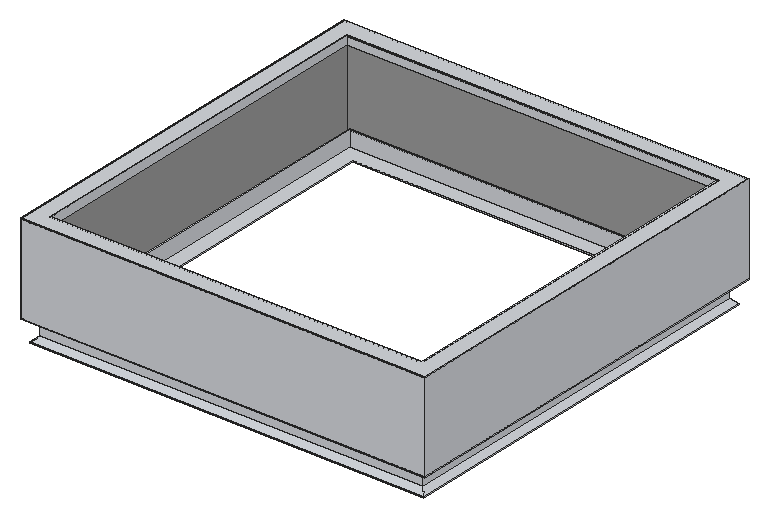
Revit family "FCA-2", category Mechanical Equipment, Revit 2015
Parameters
  URL = "https://unitedenertech.com/catalog/pdf/M_11%20FCA-2.pdf"
  Type Comments = "Consult Factory for Max. Sizes"
  Model = "FCA-2"
  Manufacturer = "United Enertech Corporation"
  Height = 0' - 10"
  Description = "Fan Curb Adapter"
  B Side Curb Top O.D. = 3' - 0"
  B Side Base I.D. = 2' - 10"
  A Side Curb Top O.D. = 3' - 0"
  A Side Base I.D. = 2' - 10"
Reference planes (in)
  plane 1 "Center (Front/Back)": y = 0
  plane 2: z = 0
  plane 3 "Center (Left/Right)": x = 0
  plane 4: x = -18
  plane 5: y = 18
  plane 6: y = -18
  plane 7: x = 18
  plane 8: y = 17
  plane 9: y = -17
  plane 10: x = -17
  plane 11: x = 17
  plane 12: z = 2
  plane 13: z = 10
  plane 14: z = 9.9522
  plane 15: z = 1.9522
  plane 16: z = 0.5
  plane 17: x = -16.5
  plane 18: y = 16.5
  plane 19: y = 17.0478
  plane 20: x = -17.0478
  plane 21: x = 16.5
  plane 22: y = -16.5
  plane 23: x = 17.0478
  plane 24: y = -17.0478
  plane 25: x = -17.9522
  plane 26: x = -16.5478
  plane 27: y = -16.5478
  plane 28: y = -17.9522
  plane 29: x = 17.9522
  plane 30: x = 16.5478
  plane 31: y = 16.5478
  plane 32: y = 17.9522
  plane 33: z = 9.2022
  plane 34: z = 3.4522
  plane 35: z = 2.0772
  plane 36: x = -16.875
  plane 37: y = 16.875
  plane 38: y = 15.5
  plane 39: x = -15.5
  plane 40: y = -16.875
  plane 41: y = -15.5
  plane 42: x = 16.875
  plane 43: x = 15.5
  plane 44: x = -15.375
  plane 45: x = -14
  plane 46: y = 15.375
  plane 47: y = 14
  plane 48: y = -15.375
  plane 49: y = -14
  plane 50: x = 15.375
  plane 51: x = 14
  plane 52: z = 1.8272
  plane 53: z = 0.4522
  plane 54: z = 3.3272
Forms (in)
  Sweep 1, solid
    path origin (0, 0, 0) x (1, 0, 0) y (0, 1, 0)
      loop
        line (-17.0478, -17.0478) -> (17.0478, -17.0478) -> (17.0478, 17.0478) -> (-17.0478, 17.0478) -> (-17.0478, -17.0478)
    profile origin (0, -17.0478, 0) x (0, 1, 0) y (0, 0, 1)
      loop
        line (-0.5, 0) -> (0, 0.5) -> (0, 0.56629) -> (-0.5, 0.06629) -> (-0.5, 0)
  Extrusion 2, solid
    sketch origin (0, 0, 0) x (1, 0, 0) y (0, 1, 0)
      loop
        line (-17.0478, -17.0478) -> (17.0478, -17.0478) -> (17.0478, 17.0478) -> (-17.0478, 17.0478) -> (-17.0478, -17.0478)
      loop
        line (-17, -17) -> (17, -17) -> (17, 17) -> (-17, 17) -> (-17, -17)
    from 0.5 to 1.9522
  Extrusion 3, solid
    sketch origin (0, 0, 0) x (1, 0, 0) y (0, 1, 0)
      loop
        line (-16.5478, -16.5478) -> (16.5478, -16.5478) -> (16.5478, 16.5478) -> (-16.5478, 16.5478) -> (-16.5478, -16.5478)
      loop
        line (-16.5, -16.5) -> (16.5, -16.5) -> (16.5, 16.5) -> (-16.5, 16.5) -> (-16.5, -16.5)
    from 9.2022 to 9.9522
  Extrusion 4, solid, material "Rigid insulation"
    sketch origin (0, 0, 0) x (1, 0, 0) y (0, 1, 0)
      loop
        line (-17.9522, -17.9522) -> (17.9522, -17.9522) -> (17.9522, 17.9522) -> (-17.9522, 17.9522) -> (-17.9522, -17.9522)
      loop
        line (-16.5478, -16.5478) -> (16.5478, -16.5478) -> (16.5478, 16.5478) -> (-16.5478, 16.5478) -> (-16.5478, -16.5478)
    from 2 to 9.9522
  Extrusion 5, solid
    sketch origin (0, 0, 0) x (1, 0, 0) y (0, 1, 0)
      loop
        line (-18, -18) -> (18, -18) -> (18, 18) -> (-18, 18) -> (-18, -18)
      loop
        line (-17.9522, -17.9522) -> (17.9522, -17.9522) -> (17.9522, 17.9522) -> (-17.9522, 17.9522) -> (-17.9522, -17.9522)
    from 2 to 9.9522
  Extrusion 6, solid
    sketch origin (0, 0, 0) x (1, 0, 0) y (0, 1, 0)
      loop
        line (-18, -18) -> (18, -18) -> (18, 18) -> (-18, 18) -> (-18, -18)
      loop
        line (-16.5, -16.5) -> (16.5, -16.5) -> (16.5, 16.5) -> (-16.5, 16.5) -> (-16.5, -16.5)
    from 9.9522 to 10
  Extrusion 7, solid
    sketch origin (0, 0, 0) x (1, 0, 0) y (0, 1, 0)
      loop
        line (-18, -18) -> (18, -18) -> (18, 18) -> (-18, 18) -> (-18, -18)
      loop
        line (-17, -17) -> (17, -17) -> (17, 17) -> (-17, 17) -> (-17, -17)
    from 1.9522 to 2
  Extrusion 8, solid
    sketch origin (0, 0, 0) x (1, 0, 0) y (0, 1, 0)
      loop
        line (-17, -17) -> (17, -17) -> (17, 17) -> (-17, 17) -> (-17, -17)
      loop
        line (-16.875, -16.875) -> (16.875, -16.875) -> (16.875, 16.875) -> (-16.875, 16.875) -> (-16.875, -16.875)
    from 0.4522 to 1.8272
  Extrusion 9, solid
    sketch origin (0, 0, 0) x (1, 0, 0) y (0, 1, 0)
      loop
        line (-17, -17) -> (17, -17) -> (17, 17) -> (-17, 17) -> (-17, -17)
      loop
        line (-15.5, 15.5) -> (-15.5, -15.5) -> (15.5, -15.5) -> (15.5, 15.5) -> (-15.5, 15.5)
    from 1.8272 to 1.9522
  Extrusion 10, solid
    sketch origin (0, 0, 0) x (1, 0, 0) y (0, 1, 0)
      loop
        line (-15.5, 15.5) -> (-15.5, -15.5) -> (15.5, -15.5) -> (15.5, 15.5) -> (-15.5, 15.5)
      loop
        line (-15.375, -15.375) -> (15.375, -15.375) -> (15.375, 15.375) -> (-15.375, 15.375) -> (-15.375, -15.375)
    from 1.9522 to 3.3272
  Extrusion 11, solid
    sketch origin (0, 0, 0) x (1, 0, 0) y (0, 1, 0)
      loop
        line (-15.5, -15.5) -> (15.5, -15.5) -> (15.5, 15.5) -> (-15.5, 15.5) -> (-15.5, -15.5)
      loop
        line (-14, -14) -> (14, -14) -> (14, 14) -> (-14, 14) -> (-14, -14)
    from 1.8272 to 1.9522
Dimensions and locks (in)
  equal spacing: plane 4, plane 3 "Center (Left/Right)", plane 7
  "A Side Curb Top O.D.": plane 4 to plane 7
  equal spacing: plane 5, plane 1 "Center (Front/Back)", plane 6
  "B Side Curb Top O.D.": plane 5 to plane 6
  equal spacing: plane 8, plane 1 "Center (Front/Back)", plane 9
  "B Side Base I.D.": plane 8 to plane 9
  equal spacing: plane 10, plane 3 "Center (Left/Right)", plane 11
  "A Side Base I.D.": plane 10 to plane 11
  locked: plane 12 to level at 2
  "Height": plane 13 to level
  locked: plane 12 to plane 15 at 0.0478
  locked: plane 13 to plane 14 at 0.0478
  locked: plane 16 to level at 0.5
  locked: plane 4 to plane 17 at 1.5
  locked: plane 21 to plane 7 at 1.5
  locked: plane 5 to plane 18 at 1.5
  locked: plane 22 to plane 6 at 1.5
  locked: plane 20 to plane 10 at 0.0478
  locked: plane 19 to plane 8 at 0.0478
  locked: plane 24 to plane 9 at 0.0478
  locked: plane 11 to plane 23 at 0.0478
  locked: plane 4 to plane 25 at 0.0478
  locked: plane 26 to plane 17 at 0.0478
  locked: plane 21 to plane 30 at 0.0478
  locked: plane 29 to plane 7 at 0.0478
  locked: plane 28 to plane 6 at 0.0478
  locked: plane 22 to plane 27 at 0.0478
  locked: plane 32 to plane 5 at 0.0478
  locked: plane 31 to plane 18 at 0.0478
  locked: plane 14 to plane 33 at 0.75
  locked: plane 15 to plane 34 at 1.5
  locked: plane 35 to plane 15 at 0.125
  locked: plane 8 to plane 37 at 0.125
  locked: plane 37 to plane 38 at 1.375
  locked: plane 40 to plane 9 at 0.125
  locked: plane 40 to plane 41 at 1.375
  locked: plane 10 to plane 36 at 0.125
  locked: plane 36 to plane 39 at 1.375
  locked: plane 42 to plane 11 at 0.125
  locked: plane 43 to plane 42 at 1.375
  locked: plane 39 to plane 44 at 0.125
  locked: plane 44 to plane 45 at 1.375
  locked: plane 38 to plane 46 at 0.125
  locked: plane 46 to plane 47 at 1.375
  locked: plane 41 to plane 48 at 0.125
  locked: plane 48 to plane 49 at 1.375
  locked: plane 50 to plane 51 at 1.375
  locked: plane 50 to plane 43 at 0.125
  locked: plane 15 to plane 52 at 0.125
  locked: plane 52 to plane 53 at 1.375
  locked: plane 54 to plane 52 at 1.5
  aligned and locked: level to plane 2
  aligned and locked: Sweep 1 sketch curve to plane 20
  aligned and locked: plane 19 to Sweep 1 sketch curve
  aligned and locked: Sweep 1 sketch curve to plane 23
  aligned and locked: plane 24 to Sweep 1 sketch curve
  aligned and locked: Extrusion 2 sketch curve to plane 20
  aligned and locked: plane 19 to Extrusion 2 sketch curve
  aligned and locked: Extrusion 2 sketch curve to plane 23
  aligned and locked: plane 24 to Extrusion 2 sketch curve
  aligned and locked: Extrusion 2 sketch curve to plane 9
  aligned and locked: Extrusion 2 sketch curve to plane 11
  aligned and locked: plane 10 to Extrusion 2 sketch curve
  aligned and locked: plane 8 to Extrusion 2 sketch curve
  aligned and locked: Extrusion 2 to plane 16
  aligned and locked: plane 15 to Extrusion 2
  aligned and locked: Extrusion 3 sketch curve to plane 26
  aligned and locked: Extrusion 3 sketch curve to plane 31
  aligned and locked: Extrusion 3 sketch curve to plane 30
  aligned and locked: Extrusion 3 sketch curve to plane 27
  aligned and locked: plane 22 to Extrusion 3 sketch curve
  aligned and locked: plane 17 to Extrusion 3 sketch curve
  aligned and locked: plane 21 to Extrusion 3 sketch curve
  aligned and locked: plane 18 to Extrusion 3 sketch curve
  aligned and locked: plane 14 to Extrusion 3
  aligned and locked: Extrusion 3 to plane 33
  aligned and locked: plane 25 to Extrusion 4 sketch curve
  aligned and locked: Extrusion 4 sketch curve to plane 32
  aligned and locked: plane 29 to Extrusion 4 sketch curve
  aligned and locked: Extrusion 4 sketch curve to plane 28
  aligned and locked: Extrusion 4 sketch curve to plane 27
  aligned and locked: Extrusion 4 sketch curve to plane 26
  aligned and locked: Extrusion 4 sketch curve to plane 31
  aligned and locked: Extrusion 4 sketch curve to plane 30
  aligned and locked: Extrusion 4 to plane 12
  aligned and locked: plane 14 to Extrusion 4
  aligned and locked: plane 4 to Extrusion 5 sketch curve
  aligned and locked: plane 5 to Extrusion 5 sketch curve
  aligned and locked: Extrusion 5 sketch curve to plane 7
  aligned and locked: Extrusion 5 sketch curve to plane 6
  aligned and locked: Extrusion 5 sketch curve to plane 28
  aligned and locked: plane 25 to Extrusion 5 sketch curve
  aligned and locked: Extrusion 5 sketch curve to plane 32
  aligned and locked: plane 29 to Extrusion 5 sketch curve
  aligned and locked: Extrusion 5 to plane 12
  aligned and locked: plane 14 to Extrusion 5
  aligned and locked: plane 4 to Extrusion 6 sketch curve
  aligned and locked: Extrusion 6 sketch curve to plane 6
  aligned and locked: Extrusion 6 sketch curve to plane 7
  aligned and locked: plane 5 to Extrusion 6 sketch curve
  aligned and locked: plane 18 to Extrusion 6 sketch curve
  aligned and locked: plane 21 to Extrusion 6 sketch curve
  aligned and locked: plane 17 to Extrusion 6 sketch curve
  aligned and locked: plane 22 to Extrusion 6 sketch curve
  aligned and locked: Extrusion 6 to plane 14
  aligned and locked: plane 13 to Extrusion 6
  aligned and locked: plane 4 to Extrusion 7 sketch curve
  aligned and locked: plane 5 to Extrusion 7 sketch curve
  aligned and locked: Extrusion 7 sketch curve to plane 7
  aligned and locked: Extrusion 7 sketch curve to plane 6
  aligned and locked: Extrusion 7 sketch curve to plane 9
  aligned and locked: plane 10 to Extrusion 7 sketch curve
  aligned and locked: Extrusion 7 sketch curve to plane 11
  aligned and locked: plane 8 to Extrusion 7 sketch curve
  aligned and locked: Extrusion 7 to plane 15
  aligned and locked: plane 12 to Extrusion 7
  aligned and locked: plane 10 to Extrusion 8 sketch curve
  aligned and locked: Extrusion 8 sketch curve to plane 11
  aligned and locked: plane 8 to Extrusion 8 sketch curve
  aligned and locked: Extrusion 8 sketch curve to plane 9
  aligned and locked: Extrusion 8 sketch curve to plane 40
  aligned and locked: Extrusion 8 sketch curve to plane 36
  aligned and locked: Extrusion 8 sketch curve to plane 42
  aligned and locked: plane 37 to Extrusion 8 sketch curve
  aligned and locked: Extrusion 8 to plane 53
  aligned and locked: Extrusion 8 to plane 52
  aligned and locked: plane 10 to Extrusion 9 sketch curve
  aligned and locked: plane 8 to Extrusion 9 sketch curve
  aligned and locked: Extrusion 9 sketch curve to plane 11
  aligned and locked: Extrusion 9 sketch curve to plane 9
  aligned and locked: Extrusion 9 sketch curve to plane 41
  aligned and locked: Extrusion 9 sketch curve to plane 39
  aligned and locked: Extrusion 9 sketch curve to plane 43
  aligned and locked: Extrusion 9 sketch curve to plane 38
  aligned and locked: Extrusion 9 to plane 52
  aligned and locked: plane 15 to Extrusion 9
  aligned and locked: Extrusion 10 sketch curve to plane 39
  aligned and locked: Extrusion 10 sketch curve to plane 38
  aligned and locked: Extrusion 10 sketch curve to plane 43
  aligned and locked: Extrusion 10 sketch curve to plane 41
  aligned and locked: Extrusion 10 sketch curve to plane 48
  aligned and locked: Extrusion 10 sketch curve to plane 44
  aligned and locked: Extrusion 10 sketch curve to plane 50
  aligned and locked: plane 46 to Extrusion 10 sketch curve
  aligned and locked: Extrusion 10 to plane 15
  aligned and locked: Extrusion 10 to plane 54
  aligned and locked: Extrusion 11 sketch curve to plane 39
  aligned and locked: plane 38 to Extrusion 11 sketch curve
  aligned and locked: Extrusion 11 sketch curve to plane 43
  aligned and locked: Extrusion 11 sketch curve to plane 41
  aligned and locked: plane 49 to Extrusion 11 sketch curve
  aligned and locked: Extrusion 11 sketch curve to plane 45
  aligned and locked: Extrusion 11 sketch curve to plane 51
  aligned and locked: plane 47 to Extrusion 11 sketch curve
  aligned and locked: Extrusion 11 to plane 52
  aligned and locked: plane 15 to Extrusion 11
Automatic sketch dimensions
  Sweep 1 sketch curve to level = 0' - 0"
  profile plane to Sweep 1 sketch curve = 0' - 0 1/2"
  profile plane to Sweep 1 sketch curve = 0' - 0"
  level to Sweep 1 sketch curve = 0' - 0.06629"
  level to Sweep 1 sketch curve = 0' - 0 1/2"
  Sweep 1 sketch curve to Sweep 1 sketch curve = 0' - 0.06629"
